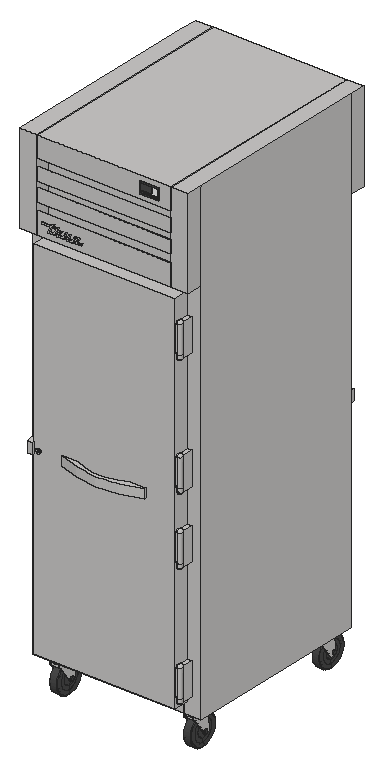
Revit family "QF_TRUE_STG1HPT-1S-1S", category Specialty Equipment, Revit 2012
Parameters
  Weight in Pounds = 0
  Watts = 1500 W
  Volts = 208 V
  URL Cutsheet = "www.truemfg.com"
  URL = "www.truemfg.com"
  Type Mark [instance] = ""
  Type Comments = ""
  Status [instance] = ""
  Specification by User [instance] = ""
  Specification by Manufacturer = ""
  Show Seismic Flanged [instance] = no
  Show Logo [instance] = yes
  Show Legs [instance] = no
  Show Clearance [instance] = yes
  Serial Number = ""
  Seismic Rating = ""
  Seismic Plate [instance] = and(Show Seismic Flanged, not(Show Casters))  # no
  SMACNA No = ""
  Revision Code [instance] = ""
  Phase = 1
  Omniclass Number and Title = ""
  Number of Poles [instance] = 1
  NAFEM Spec ID Number = ""
  Model = "STG1HPT-1S-1S"
  Min Ckt Ampacity = 0 A
  Max Overcurrent Protection = 0 A
  Masterspec = ""
  Manufacturer = "TRUE FOOD SERVICE EQUIPMENT, INC."
  Length = 27 1/2"
  Legs [instance] = or(Show Legs, Show Seismic Flanged)  # no
  Item Number [instance] = ""
  Installed By [instance] = ""
  Identify Quantity as Lot [instance] = yes
  Height = 77 3/4"
  HP = ""
  Furnished By [instance] = ""
  Foodservice Equipment Identifier [instance] = yes
  FL Amps = Watts / Volts  # 7.21154 A
  Electrical Remarks = "208-230/60/1"
  Electric Connection Type [instance] = ""
  Elec Conn RI Height [instance] = 0"
  Elec Conn Connection Height [instance] = 0"
  Description = "PASS-THRU SOLID FRONT/SOLID REAR SWING DOORS HEATED CABINETS WITH LED LIGHTING"
  Depth = 36 1/8"
  Cycle = 60 Hz
  Conn Plug = "6-15P"
  Conn Conduit = yes
  Show Casters [instance] = and(not(if(Show Legs, Show Legs, Show Legs)), not(if(Show Legs, Show Legs, Show Seismic Flanged)))  # yes
  CSI MasterFormat = ""
  CSI Master Format = ""
  Apparent Power = if(Phase = 3, Volts * FL Amps * 1.73, Volts * FL Amps)  # 1500 VA
Reference planes (in)
  plane 1: z = 0
  plane 2 "LEFT": x = 0
  plane 3 "RIGHT": x = 27.5
  plane 4 "FRONT": y = -33.375
  plane 5 "TOP": z = 84.125
  plane 6: z = 6.125
  plane 7: y = 2.75
  plane 8: y = -56.40625
  plane 9: y = 25.78125
Forms (in)
  Extrusion 1, solid, material "QF_Finishes_Stainless Steel"
    sketch origin (0.05, 0, 0) x (1, 0, 0) y (0, 1, 0)
      loop
        line (-0.05, 0) -> (-0.05, -30.625) -> (2.80938, -30.625) -> (2.80938, 0) -> (-0.05, 0)
    from 6.125 to 84.125
  Extrusion 2, solid, material "QF_Finishes_Stainless Steel"
    sketch origin (50.15, 0, 0) x (1, 0, 0) y (0, 1, 0)
      loop
        line (-25.50937, 0) -> (-25.50937, -30.625) -> (-22.65, -30.625) -> (-22.65, 0) -> (-25.50937, 0)
    from 6.125 to 84.125
  Extrusion 3, solid, material "QF_Finishes_Stainless Steel"
    sketch origin (0, 0, 0) x (0, 1, 0) y (0, 0, 1)
      loop
        line (-33.1875, 69.5) -> (-30.625, 69.5) -> (-30.625, 64.875) -> (0, 64.875) -> (0, 69.5) -> (2.5625, 69.5) -> (2.5625, 73.1597) -> (0.49784, 71.69166) -> (0.49784, 72.96723) -> (2.5625, 74.43527) -> (2.5625, 76.53148) -> (0.49784, 75.06344) -> (0.49784, 76.0242) -> (2.5625, 77.49224) -> (2.5625, 79.62595) -> (0.49784, 78.15791) -> (0.49784, 79.28018) -> (2.5625, 80.74822) -> (2.5625, 84.125) -> (-33.1875, 84.125) -> (-33.1875, 80.68002) -> (-31.125, 79.21352) -> (-31.125, 78.09125) -> (-33.1875, 79.55776) -> (-33.1875, 77.42405) -> (-31.125, 75.95754) -> (-31.125, 74.99678) -> (-33.1875, 76.46328) -> (-33.1875, 74.36708) -> (-31.125, 72.90057) -> (-31.125, 71.625) -> (-33.1875, 73.09151) -> (-33.1875, 69.5)
      loop
        line (-30.625, 6.125) -> (0, 6.125) -> (0, 8.94743) -> (-30.625, 8.94743) -> (-30.625, 6.125)
    from 2.85938 to 24.64062
  Extrusion 4, solid, material "QF_Finishes_Stainless Steel"
    sketch origin (0, 0, 0) x (1, 0, 0) y (0, 1, 0)
      loop
        line (27.45312, -30.625) -> (24.64062, -30.625) -> (24.64062, -33.1875) -> (27.45312, -33.1875) -> (27.45312, -30.625)
    from 69.5 to 84.125
  Extrusion 5, solid, material "QF_Finishes_Stainless Steel"
    sketch origin (-50.125, 0, 0.25) x (1, 0, 0) y (0, 1, 0)
      loop
        line (52.98437, -30.625) -> (50.17188, -30.625) -> (50.17188, -33.1875) -> (52.98437, -33.1875) -> (52.98437, -30.625)
    from 69.25 to 83.875
  Extrusion 6, solid, material "QF_Finishes_Stainless Steel", visible <- "Show Logo"
    sketch origin (0.33478, 1.45673, -6.73143) x (1, 0, 0) y (0, 0, 1)
      loop
        line (3.46044, 78.46231) -> (3.35478, 78.23573) -> (4.76027, 78.23573)
        arc (4.76027, 78.23573) -> (4.78879, 78.18528) -> (4.76027, 78.13484) r 0.05887
        line (4.76027, 78.13484) -> (4.39369, 77.34872)
        arc (4.39369, 77.34872) -> (4.39051, 77.27591) -> (4.43975, 77.22217) r 0.09523
        line (4.43975, 77.22217) -> (5.33844, 77.22217)
        arc (5.33844, 77.22217) -> (5.45192, 77.25795) -> (5.52436, 77.35235) r 0.19785
        line (5.52436, 77.35235) -> (5.81285, 77.97101) -> (6.0779, 77.97101)
        arc (6.0779, 77.97101) -> (6.14744, 77.94543) -> (6.13737, 77.87203) r 0.05911
        line (6.13737, 77.87203) -> (5.89598, 77.35437)
        arc (5.89598, 77.35437) -> (5.89974, 77.2684) -> (5.97231, 77.22217) r 0.09318
        line (5.97231, 77.22217) -> (6.76198, 77.22217)
        arc (6.76198, 77.22217) -> (6.82249, 77.24419) -> (6.85468, 77.29995) r 0.09412
        arc (6.85468, 77.29995) -> (6.87746, 77.24495) -> (6.93246, 77.22217) r 0.07778
        line (6.93246, 77.22217) -> (7.43246, 77.22217)
        arc (7.43246, 77.22217) -> (7.49022, 77.23765) -> (7.53251, 77.27993) r 0.11552
        arc (7.53251, 77.27993) -> (7.55275, 77.23106) -> (7.60162, 77.21081) r 0.06912
        line (7.60162, 77.21081) -> (8.31225, 77.21081)
        arc (8.31225, 77.21081) -> (8.37034, 77.23488) -> (8.39441, 77.29297) r 0.08216
        arc (8.39441, 77.29297) -> (8.44767, 77.23972) -> (8.52042, 77.22022) r 0.14551
        line (8.52042, 77.22022) -> (9.85158, 77.22022) -> (9.99946, 77.47634) -> (8.65678, 77.47634)
        arc (8.65678, 77.47634) -> (8.61972, 77.50204) -> (8.61834, 77.54711) r 0.05009
        line (8.61834, 77.54711) -> (8.64157, 77.59692)
        arc (8.64157, 77.59692) -> (8.67723, 77.64364) -> (8.73327, 77.66135) r 0.09747
        line (8.73327, 77.66135) -> (9.16485, 77.66135)
        arc (9.16485, 77.66135) -> (9.258, 77.68631) -> (9.32619, 77.7545) r 0.1863
        line (9.32619, 77.7545) -> (9.45119, 77.97101)
        arc (9.45119, 77.97101) -> (9.45119, 78.08657) -> (9.35111, 78.14434) r 0.11556
        line (9.35111, 78.14434) -> (8.89562, 78.14434)
        arc (8.89562, 78.14434) -> (8.7795, 78.12462) -> (8.69849, 78.03912) r 0.18605
        line (8.69849, 78.03912) -> (8.48204, 77.57493)
        arc (8.48204, 77.57493) -> (8.41815, 77.49167) -> (8.31806, 77.46011) r 0.1745
        line (8.31806, 77.46011) -> (7.84559, 77.46011)
        arc (7.84559, 77.46011) -> (7.78903, 77.52184) -> (7.79268, 77.60548) r 0.10939
        line (7.79268, 77.60548) -> (8.04395, 78.14434) -> (7.88403, 78.14434) -> (7.61781, 77.57344)
        arc (7.61781, 77.57344) -> (7.56609, 77.50603) -> (7.48505, 77.48048) r 0.14128
        line (7.48505, 77.48048) -> (7.15925, 77.48048)
        arc (7.15925, 77.48048) -> (7.10419, 77.55223) -> (7.116, 77.64189) r 0.11816
        line (7.116, 77.64189) -> (7.3503, 78.14434) -> (7.18514, 78.14434) -> (6.91546, 77.566)
        arc (6.91546, 77.566) -> (6.85285, 77.50339) -> (6.76733, 77.48048) r 0.17104
        line (6.76733, 77.48048) -> (6.29555, 77.48048)
        arc (6.29555, 77.48048) -> (6.21082, 77.51999) -> (6.20267, 77.61313) r 0.0935
        line (6.20267, 77.61313) -> (6.35774, 77.94569) -> (6.57695, 77.94569)
        arc (6.57695, 77.94569) -> (6.61395, 78.05717) -> (6.69267, 78.14434) r 0.2857
        line (6.69267, 78.14434) -> (5.83605, 78.14434)
        arc (5.83605, 78.14434) -> (5.74086, 78.12324) -> (5.67498, 78.05135) r 0.16212
        line (5.67498, 78.05135) -> (5.44279, 77.55341)
        arc (5.44279, 77.55341) -> (5.3894, 77.50002) -> (5.31647, 77.48048) r 0.14586
        line (5.31647, 77.48048) -> (4.80506, 77.48048)
        arc (4.80506, 77.48048) -> (4.76514, 77.53442) -> (4.77274, 77.60109) r 0.09155
        line (4.77274, 77.60109) -> (5.11018, 78.23573) -> (5.96155, 78.23573) -> (6.06721, 78.46231) -> (5.21584, 78.46231) -> (5.32149, 78.68888) -> (5.01862, 78.68888) -> (4.91297, 78.46231) -> (3.46044, 78.46231)
      loop
        arc (8.83805, 77.93863) -> (8.80119, 77.92875) -> (8.7742, 77.90176) r 0.07373
        line (8.7742, 77.90176) -> (8.75229, 77.83436)
        arc (8.75229, 77.83436) -> (8.76245, 77.80983) -> (8.78699, 77.79966) r 0.0347
        line (8.78699, 77.79966) -> (9.15948, 77.79966)
        arc (9.15948, 77.79966) -> (9.18632, 77.80561) -> (9.20812, 77.82234) r 0.0635
        line (9.20812, 77.82234) -> (9.22624, 77.90622)
        arc (9.22624, 77.90622) -> (9.22091, 77.92868) -> (9.20009, 77.93863) r 0.02676
        line (9.20009, 77.93863) -> (8.83805, 77.93863)
    from 34.64423 to 34.83173
  Extrusion 7, solid, material "QF_Finishes_Stainless Steel"
    sketch origin (-25.125, 2.6875, 0) x (1, 0, 0) y (0, 0, 1)
      loop
        circle (49.375, 82) r 0.25
    from 0.23221 to 0.125
  Blend 8, solid, material "QF_Finishes_Stainless Steel"
    base sketch origin (27.53125, 0.1875, -0.03527) x (-1, 0, 0) y (0, 0, -1)
      loop
        line (25.25, -38.99169) -> (26, -38.99169) -> (26, -37.24169) -> (25.25, -37.24169) -> (25.25, -38.99169)
    top sketch origin (27.53125, 0.1875, -0.03527) x (-1, 0, 0) y (0, 0, -1)
      loop
        line (26.18223, -36.6441) -> (25.25, -36.6441) -> (25.25, -39.42643) -> (26.18223, -39.42643) -> (26.18223, -36.6441)
    from 33.57883 to 31.1875
  Extrusion 9, solid, material "QF_Finishes_Stainless Steel"
    sketch origin (26.21875, 0.1875, 0) x (0, 1, 0) y (0, 0, -1)
      loop
        line (-30.8125, -64.55229) -> (-30.8125, -59.23627) -> (-32.875, -59.23627) -> (-32.875, -59.94848) -> (-32.43997, -59.94848) -> (-32.43997, -64.34776)
        arc (-32.43997, -64.34776) -> (-32.38006, -64.49238) -> (-32.23544, -64.55229) r 0.20453
        line (-32.23544, -64.55229) -> (-30.8125, -64.55229)
    from 0.17506 to 1
  Revolve 10, solid, material "QF_Finishes_Stainless Steel"
    sketch origin (25.71875, 0.1875, 0) x (0, 1, 0) y (0, 0, -1)
      loop
        line (-32.89063, -60.00189) -> (-33.29729, -60.00189) -> (-33.29729, -64.4736)
        arc (-33.29729, -64.4736) -> (-33.16222, -64.72557) -> (-32.89063, -64.81483) r 0.3848
        line (-32.89063, -64.81483) -> (-32.89063, -60.00189)
      loop
        line (-32.89063, -59.94848) -> (-32.89063, -59.04781)
        arc (-32.89063, -59.04781) -> (-33.15764, -59.13383) -> (-33.29729, -59.37712) r 0.38884
        line (-33.29729, -59.37712) -> (-33.29729, -59.94848) -> (-32.89063, -59.94848)
      axis (-32.89063, -59.04781) -> (-32.89063, -64.81483)
    angle from 0 to 360
  Extrusion 11, solid, material "QF_Finishes_Stainless Steel"
    sketch origin (27.53125, 0.5625, 0) x (-1, 0, 0) y (0, 0, -1)
      loop
        line (1.91491, -64.4736) -> (2.3125, -64.4736) -> (2.3125, -60.00079) -> (1.91491, -60.00079) -> (1.91491, -64.4736)
    from 32.81497 to 33.59495
  Extrusion 12, solid, material "QF_Finishes_Stainless Steel"
    sketch origin (26.21875, 0.1875, -19.5) x (0, 1, 0) y (0, 0, -1)
      loop
        line (-30.8125, -64.55229) -> (-30.8125, -59.23627) -> (-32.875, -59.23627) -> (-32.875, -59.94848) -> (-32.43997, -59.94848) -> (-32.43997, -64.34776)
        arc (-32.43997, -64.34776) -> (-32.38006, -64.49238) -> (-32.23544, -64.55229) r 0.20453
        line (-32.23544, -64.55229) -> (-30.8125, -64.55229)
    from 0.17506 to 1
  Revolve 13, solid, material "QF_Finishes_Stainless Steel"
    sketch origin (25.71875, 0.1875, -19.5) x (0, 1, 0) y (0, 0, -1)
      loop
        line (-32.89063, -60.00189) -> (-33.29729, -60.00189) -> (-33.29729, -64.4736)
        arc (-33.29729, -64.4736) -> (-33.16222, -64.72557) -> (-32.89063, -64.81483) r 0.3848
        line (-32.89063, -64.81483) -> (-32.89063, -60.00189)
      loop
        line (-32.89063, -59.94848) -> (-32.89063, -59.04781)
        arc (-32.89063, -59.04781) -> (-33.15764, -59.13383) -> (-33.29729, -59.37712) r 0.38884
        line (-33.29729, -59.37712) -> (-33.29729, -59.94848) -> (-32.89063, -59.94848)
      axis (-32.89063, -59.04781) -> (-32.89063, -64.81483)
    angle from 0 to 360
  Extrusion 14, solid, material "QF_Finishes_Stainless Steel"
    sketch origin (27.53125, 0.5625, -19.5) x (-1, 0, 0) y (0, 0, -1)
      loop
        line (1.91491, -64.4736) -> (2.3125, -64.4736) -> (2.3125, -60.00079) -> (1.91491, -60.00079) -> (1.91491, -64.4736)
    from 32.81497 to 33.59495
  Extrusion 15, solid, material "QF_Finishes_Stainless Steel"
    sketch origin (26.21875, 0.1875, -30.5) x (0, 1, 0) y (0, 0, -1)
      loop
        line (-30.8125, -64.55229) -> (-30.8125, -59.23627) -> (-32.875, -59.23627) -> (-32.875, -59.94848) -> (-32.43997, -59.94848) -> (-32.43997, -64.34776)
        arc (-32.43997, -64.34776) -> (-32.38006, -64.49238) -> (-32.23544, -64.55229) r 0.20453
        line (-32.23544, -64.55229) -> (-30.8125, -64.55229)
    from 0.17506 to 1
  Revolve 16, solid, material "QF_Finishes_Stainless Steel"
    sketch origin (25.71875, 0.1875, -30.5) x (0, 1, 0) y (0, 0, -1)
      loop
        line (-32.89063, -60.00189) -> (-33.29729, -60.00189) -> (-33.29729, -64.4736)
        arc (-33.29729, -64.4736) -> (-33.16222, -64.72557) -> (-32.89063, -64.81483) r 0.3848
        line (-32.89063, -64.81483) -> (-32.89063, -60.00189)
      loop
        line (-32.89063, -59.94848) -> (-32.89063, -59.04781)
        arc (-32.89063, -59.04781) -> (-33.15764, -59.13383) -> (-33.29729, -59.37712) r 0.38884
        line (-33.29729, -59.37712) -> (-33.29729, -59.94848) -> (-32.89063, -59.94848)
      axis (-32.89063, -59.04781) -> (-32.89063, -64.81483)
    angle from 0 to 360
  Extrusion 17, solid, material "QF_Finishes_Stainless Steel"
    sketch origin (27.53125, 0.5625, -30.5) x (-1, 0, 0) y (0, 0, -1)
      loop
        line (1.91491, -64.4736) -> (2.3125, -64.4736) -> (2.3125, -60.00079) -> (1.91491, -60.00079) -> (1.91491, -64.4736)
    from 32.81497 to 33.59495
  Extrusion 18, solid, material "QF_Finishes_Stainless Steel"
    sketch origin (26.21875, 0.1875, -50.25) x (0, 1, 0) y (0, 0, -1)
      loop
        line (-30.8125, -64.55229) -> (-30.8125, -59.23627) -> (-32.875, -59.23627) -> (-32.875, -59.94848) -> (-32.43997, -59.94848) -> (-32.43997, -64.34776)
        arc (-32.43997, -64.34776) -> (-32.38006, -64.49238) -> (-32.23544, -64.55229) r 0.20453
        line (-32.23544, -64.55229) -> (-30.8125, -64.55229)
    from 0.17506 to 1
  Revolve 19, solid, material "QF_Finishes_Stainless Steel"
    sketch origin (25.71875, 0.1875, -50.25) x (0, 1, 0) y (0, 0, -1)
      loop
        line (-32.89063, -60.00189) -> (-33.29729, -60.00189) -> (-33.29729, -64.4736)
        arc (-33.29729, -64.4736) -> (-33.16222, -64.72557) -> (-32.89063, -64.81483) r 0.3848
        line (-32.89063, -64.81483) -> (-32.89063, -60.00189)
      loop
        line (-32.89063, -59.94848) -> (-32.89063, -59.04781)
        arc (-32.89063, -59.04781) -> (-33.15764, -59.13383) -> (-33.29729, -59.37712) r 0.38884
        line (-33.29729, -59.37712) -> (-33.29729, -59.94848) -> (-32.89063, -59.94848)
      axis (-32.89063, -59.04781) -> (-32.89063, -64.81483)
    angle from 0 to 360
  Extrusion 20, solid, material "QF_Finishes_Stainless Steel"
    sketch origin (27.53125, 0.5625, -50.25) x (-1, 0, 0) y (0, 0, -1)
      loop
        line (1.91491, -64.4736) -> (2.3125, -64.4736) -> (2.3125, -60.00079) -> (1.91491, -60.00079) -> (1.91491, -64.4736)
    from 32.81497 to 33.59495
  Revolve 21, solid, material "QF_Finishes_Black", visible <- "Show Casters"
    sketch origin (22.65625, -27.375, 0) x (1, 0, 0) y (0, 0, 1)
      loop
        line (1.475, 5) -> (1.375, 4.9) -> (1.375, 4.29941) -> (1.53601, 4.29941) -> (1.53601, 3.54941) -> (1.375, 3.54941) -> (1.375, 2.79941) -> (0.975, 2.79941) -> (0.975, 2.5) -> (3.025, 2.5) -> (3.025, 2.79941) -> (2.62908, 2.79941) -> (2.62908, 3.54941) -> (2.46399, 3.54941) -> (2.46399, 4.29941) -> (2.62908, 4.29941) -> (2.62908, 4.89592) -> (2.525, 5) -> (1.475, 5)
      axis (3.025, 2.5) -> (0.975, 2.5)
    angle from 0 to 360
  Extrusion 22, solid, material "QF_Finishes_Stainless Steel", visible <- "Show Casters"
    sketch origin (22.65625, 0, 0) x (0, 1, 0) y (0, 0, 1)
      loop
        line (-29.57636, 5.48574) -> (-29.57636, 4.88089) -> (-29.32636, 4.88089) -> (-27.57716, 2.18736)
        arc (-27.57716, 2.18736) -> (-26.86383, 1.94868) -> (-26.47081, 2.59003) r 0.60416
        line (-26.47081, 2.59003) -> (-26.82636, 5.48574) -> (-29.57636, 5.48574)
      loop
        line (-3.8577, 5.48574) -> (-3.8577, 4.88089) -> (-3.6077, 4.88089) -> (-1.8585, 2.18736)
        arc (-1.8585, 2.18736) -> (-1.14517, 1.94868) -> (-0.75215, 2.59003) r 0.60416
        line (-0.75215, 2.59003) -> (-1.1077, 5.48574) -> (-3.8577, 5.48574)
    from 1.175 to 1.325
  Extrusion 23, solid, material "QF_Finishes_Stainless Steel", visible <- "Show Casters"
    sketch origin (24.15625, 0, 0) x (0, 1, 0) y (0, 0, 1)
      loop
        line (-29.57636, 5.48574) -> (-29.57636, 4.88089) -> (-29.32636, 4.88089) -> (-27.57716, 2.18736)
        arc (-27.57716, 2.18736) -> (-26.86383, 1.94868) -> (-26.47081, 2.59003) r 0.60416
        line (-26.47081, 2.59003) -> (-26.82636, 5.48574) -> (-29.57636, 5.48574)
      loop
        line (-3.8577, 5.48574) -> (-3.8577, 4.88089) -> (-3.6077, 4.88089) -> (-1.8585, 2.18736)
        arc (-1.8585, 2.18736) -> (-1.14517, 1.94868) -> (-0.75215, 2.59003) r 0.60416
        line (-0.75215, 2.59003) -> (-1.1077, 5.48574) -> (-3.8577, 5.48574)
    from 1.175 to 1.325
  Revolve 24, solid, material "QF_Finishes_Stainless Steel", visible <- "Show Casters"
    sketch origin (22.65625, -28.57636, -0.5) x (1, 0, 0) y (0, 0, 1)
      loop
        line (2, 5.98574) -> (2, 6.625) -> (0.70293, 6.625) -> (0.70293, 5.98574) -> (2, 5.98574)
      axis (2, 5.98574) -> (2, 6.625)
    angle from 0 to 360
  Revolve 25, solid, material "QF_Finishes_Stainless Steel", visible <- "Legs"
    sketch origin (22.65625, -2.69102, 0) x (1, 0, 0) y (0, 0, 1)
      loop
        line (2, 6.125) -> (0.66662, 6.125) -> (1.25, 1) -> (1.5, 1) -> (1.5, 0) -> (2, 0) -> (2, 6.125)
      axis (2, 0) -> (2, 6.125)
    angle from 0 to 360
  Revolve 26, solid, material "QF_Finishes_Stainless Steel", visible <- "Legs"
    sketch origin (22.65625, -28.65977, 0) x (1, 0, 0) y (0, 0, 1)
      loop
        line (2, 6.125) -> (0.66662, 6.125) -> (1.25, 1) -> (1.5, 1) -> (1.5, 0) -> (2, 0) -> (2, 6.125)
      axis (2, 0) -> (2, 6.125)
    angle from 0 to 360
  Revolve 27, solid, material "QF_Finishes_Stainless Steel", visible <- "Show Casters"
    sketch origin (22.65625, -2.4827, -0.5) x (1, 0, 0) y (0, 0, 1)
      loop
        line (2, 5.98574) -> (2, 6.625) -> (0.70293, 6.625) -> (0.70293, 5.98574) -> (2, 5.98574)
      axis (2, 5.98574) -> (2, 6.625)
    angle from 0 to 360
  Extrusion 28, solid, material "QF_Finishes_Stainless Steel", visible <- "Show Casters"
    sketch origin (-25.125, 0, 0) x (0, 1, 0) y (0, 0, 1)
      loop
        line (-29.57636, 5.48574) -> (-29.57636, 4.88089) -> (-29.32636, 4.88089) -> (-26.79033, 5.19227) -> (-26.82636, 5.48574) -> (-29.57636, 5.48574)
      loop
        line (-3.8577, 5.48574) -> (-3.8577, 4.88089) -> (-3.6077, 4.88089) -> (-1.07167, 5.19227) -> (-1.1077, 5.48574) -> (-3.8577, 5.48574)
    from 49.10625 to 50.45625
  Revolve 29, solid, material "QF_Finishes_Black", visible <- "Show Casters"
    sketch origin (22.65625, -1.21875, 0) x (1, 0, 0) y (0, 0, 1)
      loop
        line (1.475, 5) -> (1.375, 4.9) -> (1.375, 4.29941) -> (1.53601, 4.29941) -> (1.53601, 3.54941) -> (1.375, 3.54941) -> (1.375, 2.79941) -> (0.975, 2.79941) -> (0.975, 2.5) -> (3.025, 2.5) -> (3.025, 2.79941) -> (2.62908, 2.79941) -> (2.62908, 3.54941) -> (2.46399, 3.54941) -> (2.46399, 4.29941) -> (2.62908, 4.29941) -> (2.62908, 4.89592) -> (2.525, 5) -> (1.475, 5)
      axis (3.025, 2.5) -> (0.975, 2.5)
    angle from 0 to 360
  Revolve 30, solid, material "QF_Finishes_Black", visible <- "Show Casters"
    sketch origin (0.84375, -27.375, 0) x (1, 0, 0) y (0, 0, 1)
      loop
        line (1.475, 5) -> (1.375, 4.9) -> (1.375, 4.29941) -> (1.53601, 4.29941) -> (1.53601, 3.54941) -> (1.375, 3.54941) -> (1.375, 2.79941) -> (0.975, 2.79941) -> (0.975, 2.5) -> (3.025, 2.5) -> (3.025, 2.79941) -> (2.62908, 2.79941) -> (2.62908, 3.54941) -> (2.46399, 3.54941) -> (2.46399, 4.29941) -> (2.62908, 4.29941) -> (2.62908, 4.89592) -> (2.525, 5) -> (1.475, 5)
      axis (3.025, 2.5) -> (0.975, 2.5)
    angle from 0 to 360
  Extrusion 31, solid, material "QF_Finishes_Stainless Steel", visible <- "Show Casters"
    sketch origin (0.84375, 0, 0) x (0, 1, 0) y (0, 0, 1)
      loop
        line (-29.57636, 5.48574) -> (-29.57636, 4.88089) -> (-29.32636, 4.88089) -> (-27.57716, 2.18736)
        arc (-27.57716, 2.18736) -> (-26.86383, 1.94868) -> (-26.47081, 2.59003) r 0.60416
        line (-26.47081, 2.59003) -> (-26.82636, 5.48574) -> (-29.57636, 5.48574)
      loop
        line (-3.8577, 5.48574) -> (-3.8577, 4.88089) -> (-3.6077, 4.88089) -> (-1.8585, 2.18736)
        arc (-1.8585, 2.18736) -> (-1.14517, 1.94868) -> (-0.75215, 2.59003) r 0.60416
        line (-0.75215, 2.59003) -> (-1.1077, 5.48574) -> (-3.8577, 5.48574)
    from 1.175 to 1.325
  Extrusion 32, solid, material "QF_Finishes_Stainless Steel", visible <- "Show Casters"
    sketch origin (2.34375, 0, 0) x (0, 1, 0) y (0, 0, 1)
      loop
        line (-29.57636, 5.48574) -> (-29.57636, 4.88089) -> (-29.32636, 4.88089) -> (-27.57716, 2.18736)
        arc (-27.57716, 2.18736) -> (-26.86383, 1.94868) -> (-26.47081, 2.59003) r 0.60416
        line (-26.47081, 2.59003) -> (-26.82636, 5.48574) -> (-29.57636, 5.48574)
      loop
        line (-3.8577, 5.48574) -> (-3.8577, 4.88089) -> (-3.6077, 4.88089) -> (-1.8585, 2.18736)
        arc (-1.8585, 2.18736) -> (-1.14517, 1.94868) -> (-0.75215, 2.59003) r 0.60416
        line (-0.75215, 2.59003) -> (-1.1077, 5.48574) -> (-3.8577, 5.48574)
    from 1.175 to 1.325
  Revolve 33, solid, material "QF_Finishes_Stainless Steel", visible <- "Show Casters"
    sketch origin (0.84375, -28.57636, -0.5) x (1, 0, 0) y (0, 0, 1)
      loop
        line (2, 5.98574) -> (2, 6.625) -> (0.70293, 6.625) -> (0.70293, 5.98574) -> (2, 5.98574)
      axis (2, 5.98574) -> (2, 6.625)
    angle from 0 to 360
  Revolve 34, solid, material "QF_Finishes_Stainless Steel", visible <- "Legs"
    sketch origin (0.84375, -2.69102, 0) x (1, 0, 0) y (0, 0, 1)
      loop
        line (2, 6.125) -> (0.66662, 6.125) -> (1.25, 1) -> (1.5, 1) -> (1.5, 0) -> (2, 0) -> (2, 6.125)
      axis (2, 0) -> (2, 6.125)
    angle from 0 to 360
  Revolve 35, solid, material "QF_Finishes_Stainless Steel", visible <- "Legs"
    sketch origin (0.84375, -28.65977, 0) x (1, 0, 0) y (0, 0, 1)
      loop
        line (2, 6.125) -> (0.66662, 6.125) -> (1.25, 1) -> (1.5, 1) -> (1.5, 0) -> (2, 0) -> (2, 6.125)
      axis (2, 0) -> (2, 6.125)
    angle from 0 to 360
  Revolve 36, solid, material "QF_Finishes_Stainless Steel", visible <- "Show Casters"
    sketch origin (0.84375, -2.4827, -0.5) x (1, 0, 0) y (0, 0, 1)
      loop
        line (2, 5.98574) -> (2, 6.625) -> (0.70293, 6.625) -> (0.70293, 5.98574) -> (2, 5.98574)
      axis (2, 5.98574) -> (2, 6.625)
    angle from 0 to 360
  Extrusion 37, solid, material "QF_Finishes_Stainless Steel", visible <- "Show Casters"
    sketch origin (-46.9375, 0, 0) x (0, 1, 0) y (0, 0, 1)
      loop
        line (-29.57636, 5.48574) -> (-29.57636, 4.88089) -> (-29.32636, 4.88089) -> (-26.79033, 5.19227) -> (-26.82636, 5.48574) -> (-29.57636, 5.48574)
      loop
        line (-3.8577, 5.48574) -> (-3.8577, 4.88089) -> (-3.6077, 4.88089) -> (-1.07167, 5.19227) -> (-1.1077, 5.48574) -> (-3.8577, 5.48574)
    from 49.10625 to 50.45625
  Revolve 38, solid, material "QF_Finishes_Black", visible <- "Show Casters"
    sketch origin (0.84375, -1.21875, 0) x (1, 0, 0) y (0, 0, 1)
      loop
        line (1.475, 5) -> (1.375, 4.9) -> (1.375, 4.29941) -> (1.53601, 4.29941) -> (1.53601, 3.54941) -> (1.375, 3.54941) -> (1.375, 2.79941) -> (0.975, 2.79941) -> (0.975, 2.5) -> (3.025, 2.5) -> (3.025, 2.79941) -> (2.62908, 2.79941) -> (2.62908, 3.54941) -> (2.46399, 3.54941) -> (2.46399, 4.29941) -> (2.62908, 4.29941) -> (2.62908, 4.89592) -> (2.525, 5) -> (1.475, 5)
      axis (3.025, 2.5) -> (0.975, 2.5)
    angle from 0 to 360
  Extrusion 39, solid, material "QF_Finishes_Stainless Steel"
    sketch origin (0, -31.375, 0) x (1, 0, 0) y (0, 1, 0)
      loop
        line (27.45312, 31.375) -> (27.45312, 33.9375) -> (24.64062, 33.9375) -> (24.64062, 31.375) -> (27.45312, 31.375)
    from 69.5 to 84.125
  Extrusion 40, solid, material "QF_Finishes_Stainless Steel"
    sketch origin (-50.125, -31, 0.25) x (1, 0, 0) y (0, 1, 0)
      loop
        line (52.98437, 31) -> (52.98437, 33.5625) -> (50.17188, 33.5625) -> (50.17188, 31) -> (52.98437, 31)
    from 69.25 to 83.875
  Extrusion 41, solid, material "QF_Finishes_Stainless Steel"
    sketch origin (1.28125, -31.17295, 0) x (0, -1, 0) y (0, 0, -1)
      loop
        line (-31.17295, -64.55229) -> (-31.17295, -59.23627) -> (-33.25, -59.23627) -> (-33.25, -59.94848) -> (-32.81497, -59.94848) -> (-32.81497, -64.34776)
        arc (-32.81497, -64.34776) -> (-32.75506, -64.49238) -> (-32.61044, -64.55229) r 0.20453
        line (-32.61044, -64.55229) -> (-31.17295, -64.55229)
    from 0.17506 to 1
  Revolve 42, solid, material "QF_Finishes_Stainless Steel"
    sketch origin (1.78125, -31.17295, 0) x (0, -1, 0) y (0, 0, -1)
      loop
        line (-33.26563, -60.00189) -> (-33.67229, -60.00189) -> (-33.67229, -64.4736)
        arc (-33.67229, -64.4736) -> (-33.53722, -64.72557) -> (-33.26563, -64.81483) r 0.3848
        line (-33.26563, -64.81483) -> (-33.26563, -60.00189)
      loop
        line (-33.26563, -59.94848) -> (-33.26563, -59.04781)
        arc (-33.26563, -59.04781) -> (-33.53264, -59.13383) -> (-33.67229, -59.37712) r 0.38884
        line (-33.67229, -59.37712) -> (-33.67229, -59.94848) -> (-33.26563, -59.94848)
      axis (-33.26563, -59.04781) -> (-33.26563, -64.81483)
    angle from 0 to 360
  Extrusion 43, solid, material "QF_Finishes_Stainless Steel"
    sketch origin (-0.03125, -31.17295, 0) x (1, 0, 0) y (0, 0, -1)
      loop
        line (1.91491, -64.4736) -> (2.3125, -64.4736) -> (2.3125, -60.00079) -> (1.91491, -60.00079) -> (1.91491, -64.4736)
    from 32.81497 to 33.59495
  Extrusion 44, solid, material "QF_Finishes_Stainless Steel"
    sketch origin (1.28125, -31.17295, -19.5) x (0, -1, 0) y (0, 0, -1)
      loop
        line (-31.17295, -64.55229) -> (-31.17295, -59.23627) -> (-33.25, -59.23627) -> (-33.25, -59.94848) -> (-32.81497, -59.94848) -> (-32.81497, -64.34776)
        arc (-32.81497, -64.34776) -> (-32.75506, -64.49238) -> (-32.61044, -64.55229) r 0.20453
        line (-32.61044, -64.55229) -> (-31.17295, -64.55229)
    from 0.17506 to 1
  Revolve 45, solid, material "QF_Finishes_Stainless Steel"
    sketch origin (1.78125, -31.17295, -19.5) x (0, -1, 0) y (0, 0, -1)
      loop
        line (-33.26563, -60.00189) -> (-33.67229, -60.00189) -> (-33.67229, -64.4736)
        arc (-33.67229, -64.4736) -> (-33.53722, -64.72557) -> (-33.26563, -64.81483) r 0.3848
        line (-33.26563, -64.81483) -> (-33.26563, -60.00189)
      loop
        line (-33.26563, -59.94848) -> (-33.26563, -59.04781)
        arc (-33.26563, -59.04781) -> (-33.53264, -59.13383) -> (-33.67229, -59.37712) r 0.38884
        line (-33.67229, -59.37712) -> (-33.67229, -59.94848) -> (-33.26563, -59.94848)
      axis (-33.26563, -59.04781) -> (-33.26563, -64.81483)
    angle from 0 to 360
  Extrusion 46, solid, material "QF_Finishes_Stainless Steel"
    sketch origin (-0.03125, -31.17295, -19.5) x (1, 0, 0) y (0, 0, -1)
      loop
        line (1.91491, -64.4736) -> (2.3125, -64.4736) -> (2.3125, -60.00079) -> (1.91491, -60.00079) -> (1.91491, -64.4736)
    from 32.81497 to 33.59495
  Extrusion 47, solid, material "QF_Finishes_Stainless Steel"
    sketch origin (1.28125, -31.17295, -30.5) x (0, -1, 0) y (0, 0, -1)
      loop
        line (-31.17295, -64.55229) -> (-31.17295, -59.23627) -> (-33.25, -59.23627) -> (-33.25, -59.94848) -> (-32.81497, -59.94848) -> (-32.81497, -64.34776)
        arc (-32.81497, -64.34776) -> (-32.75506, -64.49238) -> (-32.61044, -64.55229) r 0.20453
        line (-32.61044, -64.55229) -> (-31.17295, -64.55229)
    from 0.17506 to 1
  Revolve 48, solid, material "QF_Finishes_Stainless Steel"
    sketch origin (1.78125, -31.17295, -30.5) x (0, -1, 0) y (0, 0, -1)
      loop
        line (-33.26563, -60.00189) -> (-33.67229, -60.00189) -> (-33.67229, -64.4736)
        arc (-33.67229, -64.4736) -> (-33.53722, -64.72557) -> (-33.26563, -64.81483) r 0.3848
        line (-33.26563, -64.81483) -> (-33.26563, -60.00189)
      loop
        line (-33.26563, -59.94848) -> (-33.26563, -59.04781)
        arc (-33.26563, -59.04781) -> (-33.53264, -59.13383) -> (-33.67229, -59.37712) r 0.38884
        line (-33.67229, -59.37712) -> (-33.67229, -59.94848) -> (-33.26563, -59.94848)
      axis (-33.26563, -59.04781) -> (-33.26563, -64.81483)
    angle from 0 to 360
  Extrusion 49, solid, material "QF_Finishes_Stainless Steel"
    sketch origin (-0.03125, -31.17295, -30.5) x (1, 0, 0) y (0, 0, -1)
      loop
        line (1.91491, -64.4736) -> (2.3125, -64.4736) -> (2.3125, -60.00079) -> (1.91491, -60.00079) -> (1.91491, -64.4736)
    from 32.81497 to 33.59495
  Extrusion 50, solid, material "QF_Finishes_Stainless Steel"
    sketch origin (1.28125, -31.17295, -50.25) x (0, -1, 0) y (0, 0, -1)
      loop
        line (-31.17295, -64.55229) -> (-31.17295, -59.23627) -> (-33.25, -59.23627) -> (-33.25, -59.94848) -> (-32.81497, -59.94848) -> (-32.81497, -64.34776)
        arc (-32.81497, -64.34776) -> (-32.75506, -64.49238) -> (-32.61044, -64.55229) r 0.20453
        line (-32.61044, -64.55229) -> (-31.17295, -64.55229)
    from 0.17506 to 1
  Revolve 51, solid, material "QF_Finishes_Stainless Steel"
    sketch origin (1.78125, -31.17295, -50.25) x (0, -1, 0) y (0, 0, -1)
      loop
        line (-33.26563, -60.00189) -> (-33.67229, -60.00189) -> (-33.67229, -64.4736)
        arc (-33.67229, -64.4736) -> (-33.53722, -64.72557) -> (-33.26563, -64.81483) r 0.3848
        line (-33.26563, -64.81483) -> (-33.26563, -60.00189)
      loop
        line (-33.26563, -59.94848) -> (-33.26563, -59.04781)
        arc (-33.26563, -59.04781) -> (-33.53264, -59.13383) -> (-33.67229, -59.37712) r 0.38884
        line (-33.67229, -59.37712) -> (-33.67229, -59.94848) -> (-33.26563, -59.94848)
      axis (-33.26563, -59.04781) -> (-33.26563, -64.81483)
    angle from 0 to 360
  Extrusion 52, solid, material "QF_Finishes_Stainless Steel"
    sketch origin (-0.03125, -31.17295, -50.25) x (1, 0, 0) y (0, 0, -1)
      loop
        line (1.91491, -64.4736) -> (2.3125, -64.4736) -> (2.3125, -60.00079) -> (1.91491, -60.00079) -> (1.91491, -64.4736)
    from 32.81497 to 33.59495
  Blend 53, solid, material "QF_Finishes_Stainless Steel"
    base sketch origin (-0.03125, -31.17295, 0.48974) x (1, 0, 0) y (0, 0, -1)
      loop
        line (25.25, -38.99169) -> (26, -38.99169) -> (26, -37.24169) -> (25.25, -37.24169) -> (25.25, -38.99169)
    top sketch origin (-0.03125, -31.17295, 0.48974) x (1, 0, 0) y (0, 0, -1)
      loop
        line (26.18223, -36.6441) -> (25.25, -36.6441) -> (25.25, -39.42643) -> (26.18223, -39.42643) -> (26.18223, -36.6441)
    from 33.57883 to 31.17295
  Extrusion 54, solid, material "QF_Finishes_White"
    sketch origin (-23.16691, 1.43876, 1.58022) x (1, 0, 0) y (0, 0, 1)
      loop
        line (42.94232, 81.73227) -> (42.94232, 79.98496) -> (45.84857, 79.98496) -> (45.84857, 81.73227) -> (42.94232, 81.73227)
    from 34.62626 to 34.72001
  Extrusion 55, solid, material "QF_Finishes_Black"
    sketch origin (-23.16691, 1.43876, 1.58022) x (1, 0, 0) y (0, 0, 1)
      loop
        line (45.91107, 81.79477) -> (42.87982, 81.79477) -> (42.87982, 79.92246) -> (45.91107, 79.92246) -> (45.91107, 81.79477)
      loop
        spline (43.07982, 80.25372) -> (43.08833, 80.23754) -> (43.11331, 80.22247) -> (43.15304, 80.20952) -> (43.20482, 80.19959) -> (43.26511, 80.19335) -> (43.32982, 80.19122) -> (43.39452, 80.19335) -> (43.45482, 80.19959) -> (43.50659, 80.20952) -> (43.54632, 80.22247) -> (43.5713, 80.23754) -> (43.57982, 80.25372)
        spline (43.57982, 80.25372) -> (43.5713, 80.26989) -> (43.54632, 80.28497) -> (43.50659, 80.29791) -> (43.45482, 80.30784) -> (43.39452, 80.31409) -> (43.32982, 80.31622) -> (43.26511, 80.31409) -> (43.20482, 80.30784) -> (43.15304, 80.29791) -> (43.11331, 80.28497) -> (43.08833, 80.26989) -> (43.07982, 80.25372)
      loop
        spline (43.77583, 80.25372) -> (43.78435, 80.23754) -> (43.80932, 80.22247) -> (43.84905, 80.20952) -> (43.90083, 80.19959) -> (43.96112, 80.19335) -> (44.02583, 80.19122) -> (44.09053, 80.19335) -> (44.15083, 80.19959) -> (44.20261, 80.20952) -> (44.24234, 80.22247) -> (44.26731, 80.23754) -> (44.27583, 80.25372)
        spline (44.27583, 80.25372) -> (44.26731, 80.26989) -> (44.24234, 80.28497) -> (44.20261, 80.29791) -> (44.15083, 80.30784) -> (44.09053, 80.31409) -> (44.02583, 80.31622) -> (43.96112, 80.31409) -> (43.90083, 80.30784) -> (43.84905, 80.29791) -> (43.80932, 80.28497) -> (43.78435, 80.26989) -> (43.77583, 80.25372)
      loop
        spline (44.52583, 80.25372) -> (44.53435, 80.23754) -> (44.55932, 80.22247) -> (44.59905, 80.20952) -> (44.65083, 80.19959) -> (44.71112, 80.19335) -> (44.77583, 80.19122) -> (44.84053, 80.19335) -> (44.90083, 80.19959) -> (44.95261, 80.20952) -> (44.99234, 80.22247) -> (45.01731, 80.23754) -> (45.02583, 80.25372)
        spline (45.02583, 80.25372) -> (45.01731, 80.26989) -> (44.99234, 80.28497) -> (44.95261, 80.29791) -> (44.90083, 80.30784) -> (44.84053, 80.31409) -> (44.77583, 80.31622) -> (44.71112, 80.31409) -> (44.65083, 80.30784) -> (44.59905, 80.29791) -> (44.55932, 80.28497) -> (44.53435, 80.26989) -> (44.52583, 80.25372)
      loop
        line (43.07981, 81.59478) -> (43.07981, 80.59478) -> (44.77933, 80.59478) -> (44.77933, 81.59478) -> (43.07981, 81.59478)
      loop
        line (45.84857, 81.73227) -> (42.94232, 81.73227) -> (42.94232, 79.98496) -> (45.84857, 79.98496) -> (45.84857, 81.73227)
      loop
        spline (45.27583, 80.25372) -> (45.28435, 80.23754) -> (45.30932, 80.22247) -> (45.34905, 80.20952) -> (45.40083, 80.19959) -> (45.46112, 80.19335) -> (45.52583, 80.19122) -> (45.59053, 80.19335) -> (45.65083, 80.19959) -> (45.70261, 80.20952) -> (45.74234, 80.22247) -> (45.76731, 80.23754) -> (45.77583, 80.25372)
        spline (45.77583, 80.25372) -> (45.76731, 80.26989) -> (45.74234, 80.28497) -> (45.70261, 80.29791) -> (45.65083, 80.30784) -> (45.59053, 80.31409) -> (45.52583, 80.31622) -> (45.46112, 80.31409) -> (45.40083, 80.30784) -> (45.34905, 80.29791) -> (45.30932, 80.28497) -> (45.28435, 80.26989) -> (45.27583, 80.25372)
    from 34.62626 to 34.81376
  Extrusion 56, solid, material "QF_Door-Drawer Clearances", visible <- "Show Clearance", detail levels coarse
    sketch origin (26.42841, -3.7973, 0) x (1, 0, 0) y (0, 1, 0)
      loop
        line (-1.20966, -29.5777) -> (-24.14716, -29.5777)
        arc (-24.14716, -29.5777) -> (-17.47008, -45.8655) -> (-1.20966, -52.60895) r 22.91074
        line (-1.20966, -52.60895) -> (-1.20966, -29.5777)
      loop
        line (-24.14716, 6.1723) -> (-1.20966, 6.1723)
        arc (-1.20966, 6.1723) -> (-7.88967, 22.45717) -> (-24.14716, 29.20355) r 22.92064
        line (-24.14716, 29.20355) -> (-24.14716, 6.1723)
    from 8.03125 to 67.96875
  Extrusion 57, solid, material "QF_Finishes_Stainless Steel"
    sketch origin (-25.125, -31, -0.71875) x (1, 0, 0) y (0, 0, -1)
      loop
        line (27.40625, -68.6875) -> (50.34375, -68.6875) -> (50.34375, -8.75) -> (27.40625, -8.75) -> (27.40625, -68.6875)
    from 31 to 33.5625
  Extrusion 58, solid, material "QF_Finishes_Stainless Steel"
    sketch origin (-25.125, 0.5167, -0.71875) x (1, 0, 0) y (0, 0, 1)
      loop
        line (27.40625, 8.75) -> (50.34375, 8.75) -> (50.34375, 68.6875) -> (27.40625, 68.6875) -> (27.40625, 8.75)
    from 31.1417 to 33.7042
  Extrusion 59, solid, material "QF_Finishes_Stainless Steel"
    sketch origin (-33.325, -30.9375, 26.37269) x (-1, 0, 0) y (0, -1, 0)
      loop
        line (-53.875, -33.5) -> (-53.875, -33.7122)
        arc (-53.875, -33.7122) -> (-47.075, -35.15625) -> (-40.275, -33.7122) r 16.7325
        line (-40.275, -33.7122) -> (-40.275, -33.5) -> (-42.65351, -33.5)
        arc (-42.65351, -33.5) -> (-47.075, -34.67036) -> (-51.49649, -33.5) r 8.93715
        line (-51.49649, -33.5) -> (-53.875, -33.5)
    from 10.87731 to 12.37731
  Extrusion 60, solid, material "QF_Finishes_Stainless Steel"
    sketch origin (50.875, -31.19658, -2.0625) x (-1, 0, 0) y (0, 0, 1)
      loop
        circle (26.4375, 40.0625) r 0.35
      loop
        line (26.47265, 40.33635) -> (26.41715, 40.33635) -> (26.41715, 39.76895) -> (26.47265, 39.76895) -> (26.47265, 40.33635)
    from 33.75908 to 33.82158
  Extrusion 61, solid, material "QF_Finishes_Stainless Steel", visible <- "Seismic Plate"
    sketch origin (-0.22541, -26.96562, 0) x (1, 0, 0) y (0, 1, 0)
      loop
        circle (3.06916, -1.31916) r 1.5
    from 0 to 0.25
  Extrusion 62, solid, material "QF_Finishes_Stainless Steel", visible <- "Seismic Plate"
    sketch origin (-0.22541, -0.99687, 0) x (1, 0, 0) y (0, 1, 0)
      loop
        circle (3.06916, -1.69416) r 1.5
    from 0 to 0.25
  Extrusion 63, solid, material "QF_Finishes_Stainless Steel", visible <- "Seismic Plate"
    sketch origin (21.58709, -0.99687, 0) x (1, 0, 0) y (0, 1, 0)
      loop
        circle (3.06916, -1.69416) r 1.5
    from 0 to 0.25
  Extrusion 64, solid, material "QF_Finishes_Stainless Steel", visible <- "Seismic Plate"
    sketch origin (21.58709, -26.96562, 0) x (1, 0, 0) y (0, 1, 0)
      loop
        circle (3.06916, -1.31916) r 1.5
    from 0 to 0.25
  Extrusion 65, solid, material "QF_Finishes_Stainless Steel"
    sketch origin (60.825, -0.0625, 26.37269) x (1, 0, 0) y (0, 1, 0)
      loop
        line (-53.875, -33.125) -> (-53.875, -33.3372)
        arc (-53.875, -33.3372) -> (-47.075, -34.78125) -> (-40.275, -33.3372) r 16.7325
        line (-40.275, -33.3372) -> (-40.275, -33.125) -> (-42.65351, -33.125)
        arc (-42.65351, -33.125) -> (-47.075, -34.29536) -> (-51.49649, -33.125) r 8.93715
        line (-51.49649, -33.125) -> (-53.875, -33.125)
    from 10.87731 to 12.37731
  Extrusion 66, solid, material "QF_Finishes_Stainless Steel"
    sketch origin (-23.375, 0.57158, -2.0625) x (1, 0, 0) y (0, 0, 1)
      loop
        circle (26.4375, 40.0625) r 0.35
      loop
        line (26.47265, 40.33635) -> (26.41715, 40.33635) -> (26.41715, 39.76895) -> (26.47265, 39.76895) -> (26.47265, 40.33635)
    from 33.75908 to 33.82158
Cuts and joins
  joined: Extrusion 1, Extrusion 2, Extrusion 4, Extrusion 5, Extrusion 39, Extrusion 40
Lines and regions (in)
  symbolic lines
    curve 1: line (0, 0, 0) -> (27.5, 0, 0)
    curve 2: line (0, -33.1875, 0) -> (0, 2.5625, 0)
    curve 3: line (27.5, -33.1875, 0) -> (0, -33.1875, 0)
    curve 4: line (27.5, 2.5625, 0) -> (27.5, -33.1875, 0)
    curve 5: line (27.5, -30.625, 0) -> (0, -30.625, 0)
    curve 7: line (0, 2.5625, 0) -> (27.5, 2.5625, 0)
    curve 8: line (3.68957, -33.375, 0) -> (10.33424, -33.375, 0)
    curve 9: line (3.68957, -33.1875, 0) -> (3.68957, -33.375, 0)
    curve 10: line (10.33424, -33.1875, 0) -> (10.33424, -33.375, 0)
    curve 11: line (19.7129, -33.1875, 0) -> (19.7129, -33.375, 0)
    curve 12: line (22.74415, -33.375, 0) -> (22.74415, -33.1875, 0)
    curve 13: line (19.7129, -33.375, 0) -> (22.74415, -33.375, 0)
    curve 14: line (23.81043, 2.75, 0) -> (17.16576, 2.75, 0)
    curve 15: line (23.81043, 2.5625, 0) -> (23.81043, 2.75, 0)
    curve 16: line (17.16576, 2.5625, 0) -> (17.16576, 2.75, 0)
    curve 36: arc (20.625, 2.7747, 0) -> (13.825, 4.21875, 0) -> (7.025, 2.7747, 0) r 16.7325
    curve 37: arc (9.40351, 2.5625, 0) -> (13.62781, 3.73068, 0) -> (17.89954, 2.75, 0) r 8.93715
    curve 38: line (7.025, 2.7747, 0) -> (7.025, 2.5625, 0)
    curve 39: arc (6.9375, -33.3997, 0) -> (13.7375, -34.84375, 0) -> (20.5375, -33.3997, 0) r 16.7325
    curve 40: arc (18.15899, -33.1875, 0) -> (13.93469, -34.35568, 0) -> (9.66296, -33.375, 0) r 8.93715
  symbolic lines, style "QF_Door-Drawer Clearances"
    curve 6: line (25.21875, -33.1875, 0) -> (5.30512, -44.68464, 0)
    curve 33: arc (5.30512, -44.68464, 0) -> (3.03448, -39.13562, 0) -> (2.28125, -33.1875, 0) r 22.91074
    curve 34: line (2.28125, 2.5625, 0) -> (22.19171, 14.05781, 0)
    curve 35: arc (22.19171, 14.05781, 0) -> (24.46341, 8.50981, 0) -> (25.21875, 2.5625, 0) r 22.92064
  symbolic lines, style "SpecialityEquipmentHiddenLines", visible <- "Show Casters"
    curve 17: line (3.55276, -24.52142, 0) -> (4.63882, -25.14846, 0)
    curve 18: line (1.05276, -28.85154, 0) -> (3.55276, -24.52142, 0)
    curve 19: line (2.13882, -29.47858, 0) -> (1.05276, -28.85154, 0)
    curve 20: line (4.63882, -25.14846, 0) -> (2.13882, -29.47858, 0)
    curve 21: line (25.36526, -24.52142, 0) -> (26.45132, -25.14846, 0)
    curve 22: line (22.86526, -28.85154, 0) -> (25.36526, -24.52142, 0)
    curve 23: line (23.95132, -29.47858, 0) -> (22.86526, -28.85154, 0)
    curve 24: line (26.45132, -25.14846, 0) -> (23.95132, -29.47858, 0)
    curve 25: line (3.55276, -1.14642, 0) -> (4.63882, -1.77346, 0)
    curve 26: line (1.05276, -5.47654, 0) -> (3.55276, -1.14642, 0)
    curve 27: line (2.13882, -6.10358, 0) -> (1.05276, -5.47654, 0)
    curve 28: line (4.63882, -1.77346, 0) -> (2.13882, -6.10358, 0)
    curve 29: line (25.36526, -1.14642, 0) -> (26.45132, -1.77346, 0)
    curve 30: line (22.86526, -5.47654, 0) -> (25.36526, -1.14642, 0)
    curve 31: line (23.95132, -6.10358, 0) -> (22.86526, -5.47654, 0)
    curve 32: line (26.45132, -1.77346, 0) -> (23.95132, -6.10358, 0)
Dimensions and locks (in)
  plane 6 to level = 6 1/8"
  plane 5 "TOP" to level = 84 1/8"
  plane 5 "TOP" to plane 6 = 78"
  "Length": plane 2 "LEFT" to plane 3 "RIGHT"
  "Depth": plane 4 "FRONT" to plane 7
  plane 3 "RIGHT" to plane 2 "LEFT" = 27 1/2"  (x2)
  cut or joined group of Extrusion 1, Extrusion 2, Extrusion 4, Extrusion 5, Extrusion 39, Extrusion 40 to cut or joined group of Extrusion 1, Extrusion 2, Extrusion 4, Extrusion 5, Extrusion 39, Extrusion 40 = 27 13/32"  (x2)
  plane 4 "FRONT" to plane 7 = 36 1/8"
  cut or joined group of Extrusion 1, Extrusion 2, Extrusion 4, Extrusion 5, Extrusion 39, Extrusion 40 to cut or joined group of Extrusion 1, Extrusion 2, Extrusion 4, Extrusion 5, Extrusion 39, Extrusion 40 = 30 5/8"
  Extrusion 58 to Extrusion 58 = 22 15/16"
  Extrusion 65 to Extrusion 58 = 29 7/32"
  Extrusion 58 to Extrusion 65 = 29 7/32"
  Extrusion 57 to Extrusion 59 = 29 7/32"
  Extrusion 59 to Extrusion 57 = 29 7/32"
  Extrusion 57 to Extrusion 57 = 22 15/16"
  plane 8 to plane 4 "FRONT" = 23 1/32"
  plane 7 to plane 9 = 23 1/32"
  aligned and locked: level to plane 1
Automatic sketch dimensions
  Extrusion 1 sketch curve to plane 2 "LEFT" = 0"
  plane 2 "LEFT" to Extrusion 1 sketch curve = 2 55/64"
  Extrusion 1 sketch curve to plane 4 "FRONT" = 2 3/4"
  plane 7 to Extrusion 1 sketch curve = 2 3/4"
  Extrusion 2 sketch curve to plane 3 "RIGHT" = 0"
  Extrusion 2 sketch curve to plane 3 "RIGHT" = 2 55/64"
  Extrusion 2 sketch curve to plane 4 "FRONT" = 2 3/4"
  plane 7 to Extrusion 2 sketch curve = 2 3/4"
  Extrusion 3 sketch curve to plane 5 "TOP" = 0"
  Extrusion 3 sketch curve to plane 4 "FRONT" = 3/16"  (x4)
  Extrusion 3 sketch curve to plane 4 "FRONT" = 2 1/4"
  Extrusion 3 sketch curve to Extrusion 3 sketch curve = 0"  (x3)
  Extrusion 3 sketch curve to plane 6 = 0"
  Extrusion 3 sketch curve to plane 4 "FRONT" = 2 3/4"
  Extrusion 3 sketch curve to Extrusion 3 sketch curve = 1/2"
  plane 7 to Extrusion 3 sketch curve = 2 3/4"  (x2)
  plane 7 to Extrusion 3 sketch curve = 2.25216"  (x2)
  plane 7 to Extrusion 3 sketch curve = 3/16"  (x4)
  plane 6 to Extrusion 3 sketch curve = 2.82243"
  Extrusion 3 sketch curve to plane 5 "TOP" = 19 1/4"
  Extrusion 3 sketch curve to Extrusion 3 sketch curve = 4 5/8"  (x2)
  Extrusion 3 sketch curve to Extrusion 3 sketch curve = 2 1/8"
  Extrusion 3 sketch curve to Extrusion 3 sketch curve = 2.19166"
  Extrusion 3 sketch curve to Extrusion 3 sketch curve = 1.27557"  (x4)
  Extrusion 3 sketch curve to Extrusion 3 sketch curve = 0.19093"
  Extrusion 3 sketch curve to Extrusion 3 sketch curve = 0.19247"
  Extrusion 3 sketch curve to Extrusion 3 sketch curve = 2.0962"  (x4)
  Extrusion 3 sketch curve to Extrusion 3 sketch curve = 0.96076"  (x4)
  Extrusion 3 sketch curve to Extrusion 3 sketch curve = 2.13371"  (x2)
  Extrusion 3 sketch curve to Extrusion 3 sketch curve = 1.12227"  (x4)
  Extrusion 3 sketch curve to Extrusion 3 sketch curve = 0.34424"
  Extrusion 3 sketch curve to Extrusion 3 sketch curve = 0.34577"
  Extrusion 4 sketch curve to plane 3 "RIGHT" = 2 55/64"
  Extrusion 4 sketch curve to plane 3 "RIGHT" = 3/64"
  Extrusion 4 sketch curve to plane 4 "FRONT" = 3/16"
  Extrusion 4 sketch curve to Extrusion 4 sketch curve = 2 9/16"
  plane 2 "LEFT" to Extrusion 5 sketch curve = 3/64"
  Extrusion 5 sketch curve to plane 4 "FRONT" = 3/16"
  Extrusion 5 sketch curve to Extrusion 5 sketch curve = 2 13/16"
  Extrusion 5 sketch curve to Extrusion 5 sketch curve = 2 9/16"
  plane 2 "LEFT" to Extrusion 6 sketch curve = 3.68957"
  Extrusion 6 sketch curve to Extrusion 6 sketch curve = 0.10565"  (x5)
  Extrusion 6 sketch curve to Extrusion 6 sketch curve = 1.03891"
  Extrusion 6 sketch curve to Extrusion 6 sketch curve = 0.04606"
  Extrusion 6 sketch curve to Extrusion 6 sketch curve = 0.04025"
  Extrusion 6 sketch curve to Extrusion 6 sketch curve = 0.33624"
  Extrusion 6 sketch curve to Extrusion 6 sketch curve = 0.03034"  (x2)
  Extrusion 6 sketch curve to Extrusion 6 sketch curve = 0.29274"
  Extrusion 6 sketch curve to Extrusion 6 sketch curve = 0.03232"
  Extrusion 6 sketch curve to Extrusion 6 sketch curve = 0.08083"
  Extrusion 6 sketch curve to Extrusion 6 sketch curve = 0.1527"
  Extrusion 6 sketch curve to Extrusion 6 sketch curve = 0.19721"
  Extrusion 6 sketch curve to Extrusion 6 sketch curve = 0.4629"
  Extrusion 6 sketch curve to Extrusion 6 sketch curve = 0.02197"
  Extrusion 6 sketch curve to Extrusion 6 sketch curve = 0.12632"
  Extrusion 6 sketch curve to Extrusion 6 sketch curve = 0.18591"
  Extrusion 6 sketch curve to Extrusion 6 sketch curve = 0.2322"
  Extrusion 6 sketch curve to Extrusion 6 sketch curve = 0.13786"
  Extrusion 6 sketch curve to Extrusion 6 sketch curve = 0.00907"
  Extrusion 6 sketch curve to Extrusion 6 sketch curve = 0.01413"
  Extrusion 6 sketch curve to Extrusion 6 sketch curve = 0.37162"
  Extrusion 6 sketch curve to Extrusion 6 sketch curve = 0.12551"
  Extrusion 6 sketch curve to Extrusion 6 sketch curve = 0.07633"
  Extrusion 6 sketch curve to Extrusion 6 sketch curve = 0.08445"
  Extrusion 6 sketch curve to Extrusion 6 sketch curve = 0.25598"
  Extrusion 6 sketch curve to Extrusion 6 sketch curve = 0.01887"
  Extrusion 6 sketch curve to Extrusion 6 sketch curve = 0.04061"
  Extrusion 6 sketch curve to Extrusion 6 sketch curve = 0.0653"
  Extrusion 6 sketch curve to Extrusion 6 sketch curve = 0.08474"
  Extrusion 6 sketch curve to Extrusion 6 sketch curve = 0.00815"
  Extrusion 6 sketch curve to Extrusion 6 sketch curve = 0.22037"
  Extrusion 6 sketch curve to Extrusion 6 sketch curve = 0.21921"
  Extrusion 6 sketch curve to Extrusion 6 sketch curve = 0.11572"
  Extrusion 6 sketch curve to Extrusion 6 sketch curve = 0.46643"
  Extrusion 6 sketch curve to Extrusion 6 sketch curve = 0.00535"
  Extrusion 6 sketch curve to Extrusion 6 sketch curve = 0.09269"
  Extrusion 6 sketch curve to Extrusion 6 sketch curve = 0.09348"
  Extrusion 6 sketch curve to Extrusion 6 sketch curve = 0.14812"
  Extrusion 6 sketch curve to Extrusion 6 sketch curve = 0.07778"  (x3)
  Extrusion 6 sketch curve to Extrusion 6 sketch curve = 0.20054"
  Extrusion 6 sketch curve to Extrusion 6 sketch curve = 0.04325"
  Extrusion 6 sketch curve to Extrusion 6 sketch curve = 0.32433"
  Extrusion 6 sketch curve to Extrusion 6 sketch curve = 0.10233"  (x2)
  Extrusion 6 sketch curve to Extrusion 6 sketch curve = 0.16515"
  Extrusion 6 sketch curve to Extrusion 6 sketch curve = 0.27321"
  Extrusion 6 sketch curve to Extrusion 6 sketch curve = 0.0526"
  Extrusion 6 sketch curve to Extrusion 6 sketch curve = 0.10005"
  Extrusion 6 sketch curve to Extrusion 6 sketch curve = 0.06912"
  Extrusion 6 sketch curve to Extrusion 6 sketch curve = 0.13276"
  Extrusion 6 sketch curve to Extrusion 6 sketch curve = 0.17486"
  Extrusion 6 sketch curve to Extrusion 6 sketch curve = 0.05291"
  Extrusion 6 sketch curve to Extrusion 6 sketch curve = 0.53374"
  Extrusion 6 sketch curve to Extrusion 6 sketch curve = 0.09914"  (x2)
  Extrusion 6 sketch curve to Extrusion 6 sketch curve = 0.15992"
  Extrusion 6 sketch curve to Extrusion 6 sketch curve = 0.46666"
  Extrusion 6 sketch curve to Extrusion 6 sketch curve = 0.00582"
  Extrusion 6 sketch curve to Extrusion 6 sketch curve = 0.08216"
  Extrusion 6 sketch curve to Extrusion 6 sketch curve = 0.16397"
  Extrusion 6 sketch curve to Extrusion 6 sketch curve = 0.12601"
  Extrusion 6 sketch curve to Extrusion 6 sketch curve = 0.1363"
  Extrusion 6 sketch curve to Extrusion 6 sketch curve = 0.02323"
  Extrusion 6 sketch curve to Extrusion 6 sketch curve = 0.03844"
  Extrusion 6 sketch curve to Extrusion 6 sketch curve = 0.0454"
  Extrusion 6 sketch curve to Extrusion 6 sketch curve = 0.05693"
  Extrusion 6 sketch curve to Extrusion 6 sketch curve = 0.0917"
  Extrusion 6 sketch curve to Extrusion 6 sketch curve = 0.01902"
  Extrusion 6 sketch curve to Extrusion 6 sketch curve = 0.02191"
  Extrusion 6 sketch curve to Extrusion 6 sketch curve = 0.0347"
  Extrusion 6 sketch curve to Extrusion 6 sketch curve = 0.06385"
  Extrusion 6 sketch curve to Extrusion 6 sketch curve = 0.02906"
  Extrusion 6 sketch curve to Extrusion 6 sketch curve = 0.02851"
  Extrusion 6 sketch curve to Extrusion 6 sketch curve = 0.29237"
  Extrusion 6 sketch curve to Extrusion 6 sketch curve = 0.00537"
  Extrusion 6 sketch curve to Extrusion 6 sketch curve = 0.0406"
  Extrusion 6 sketch curve to Extrusion 6 sketch curve = 0.04327"
  Extrusion 6 sketch curve to Extrusion 6 sketch curve = 0.02615"
  Extrusion 6 sketch curve to Extrusion 6 sketch curve = 0.11806"
  Extrusion 6 sketch curve to Extrusion 6 sketch curve = 0.15103"
  Extrusion 6 sketch curve to Extrusion 6 sketch curve = 0.10007"
  Extrusion 6 sketch curve to Extrusion 6 sketch curve = 0.5254"
  Extrusion 6 sketch curve to Extrusion 6 sketch curve = 0.14787"
  Extrusion 6 sketch curve to plane 5 "TOP" = 13.64562"
  Extrusion 6 sketch curve to Extrusion 6 sketch curve = 0.07275"
  Extrusion 6 sketch curve to Extrusion 6 sketch curve = 0.05776"
  Extrusion 6 sketch curve to Extrusion 6 sketch curve = 0.08631"
  Extrusion 6 sketch curve to Extrusion 6 sketch curve = 0.09282"
  Extrusion 6 sketch curve to Extrusion 6 sketch curve = 0.13018"
  Extrusion 6 sketch curve to Extrusion 6 sketch curve = 0.16714"
  Extrusion 6 sketch curve to Extrusion 6 sketch curve = 0.11061"
  Extrusion 6 sketch curve to Extrusion 6 sketch curve = 0.06046"
  Extrusion 6 sketch curve to Extrusion 6 sketch curve = 0.16548"
  Extrusion 6 sketch curve to Extrusion 6 sketch curve = 0.14279"
  Extrusion 6 sketch curve to Extrusion 6 sketch curve = 0.0496"
  Extrusion 6 sketch curve to Extrusion 6 sketch curve = 0.07293"
  Extrusion 6 sketch curve to Extrusion 6 sketch curve = 0.07764"
  Extrusion 6 sketch curve to Extrusion 6 sketch curve = 0.03794"
  Extrusion 6 sketch curve to Extrusion 6 sketch curve = 0.08552"
  Extrusion 6 sketch curve to Extrusion 6 sketch curve = 0.09296"
  Extrusion 6 sketch curve to Extrusion 6 sketch curve = 0.09314"
  Extrusion 6 sketch curve to Extrusion 6 sketch curve = 0.02781"
  Extrusion 6 sketch curve to Extrusion 6 sketch curve = 0.04981"
  Extrusion 6 sketch curve to Extrusion 6 sketch curve = 0.09315"
  Extrusion 6 sketch curve to Extrusion 6 sketch curve = 0.04799"
  Extrusion 6 sketch curve to Extrusion 6 sketch curve = 0.02531"
  Extrusion 6 sketch curve to Extrusion 6 sketch curve = 0.03054"
  Extrusion 6 sketch curve to Extrusion 6 sketch curve = 0.2589"
  Extrusion 6 sketch curve to Extrusion 6 sketch curve = 0.0674"
  Extrusion 6 sketch curve to Extrusion 6 sketch curve = 0.0324"
  Extrusion 6 sketch curve to Extrusion 6 sketch curve = 0.26185"
  Extrusion 6 sketch curve to Extrusion 6 sketch curve = 11/256"
  Extrusion 6 sketch curve to Extrusion 6 sketch curve = 0.07366"
  Extrusion 6 sketch curve to Extrusion 6 sketch curve = 0.02187"
  Extrusion 6 sketch curve to Extrusion 6 sketch curve = 0.06479"
  Extrusion 6 sketch curve to Extrusion 6 sketch curve = 0.01183"
  Extrusion 6 sketch curve to Extrusion 6 sketch curve = 0.05778"
  Extrusion 6 sketch curve to Extrusion 6 sketch curve = 0.53375"
  Extrusion 6 sketch curve to Extrusion 6 sketch curve = 0.23098"
  Extrusion 6 sketch curve to Extrusion 6 sketch curve = 0"
  Extrusion 6 sketch curve to Extrusion 6 sketch curve = 0.05045"
  Extrusion 6 sketch curve to Extrusion 6 sketch curve = 0.09139"
  Extrusion 6 sketch curve to Extrusion 6 sketch curve = 29/128"  (x3)
  Extrusion 7 sketch curve to plane 3 "RIGHT" = 3 1/4"
  Extrusion 7 sketch curve to plane 5 "TOP" = 2 1/8"
  plane 2 "LEFT" to Blend 8 sketch curve = 2 9/32"
  Blend 8 sketch curve to Blend 8 sketch curve = 3/4"
  plane 6 to Blend 8 sketch curve = 32.83143"
  Blend 8 sketch curve to Blend 8 sketch curve = 1 3/4"
  Blend 8 sketch curve to plane 2 "LEFT" = 2 9/32"
  Blend 8 sketch curve to Blend 8 sketch curve = 0.93223"
  Blend 8 sketch curve to plane 6 = 30.48383"
  Blend 8 sketch curve to Blend 8 sketch curve = 2.78233"
  Extrusion 9 sketch curve to plane 4 "FRONT" = 11/16"
  Extrusion 9 sketch curve to Extrusion 9 sketch curve = 0.43503"
  Extrusion 9 sketch curve to Extrusion 9 sketch curve = 0.20453"
  Extrusion 9 sketch curve to Extrusion 9 sketch curve = 1.42294"
  Extrusion 9 sketch curve to plane 5 "TOP" = 19.57271"
  Extrusion 9 sketch curve to Extrusion 9 sketch curve = 4.39928"
  Extrusion 9 sketch curve to Extrusion 9 sketch curve = 0.71221"
  Revolve 10 sketch curve to plane 4 "FRONT" = 0.26521"  (x2)
  Revolve 10 sketch curve to Revolve 10 sketch curve = 0.38242"
  Revolve 10 sketch curve to Revolve 10 sketch curve = 0.38436"
